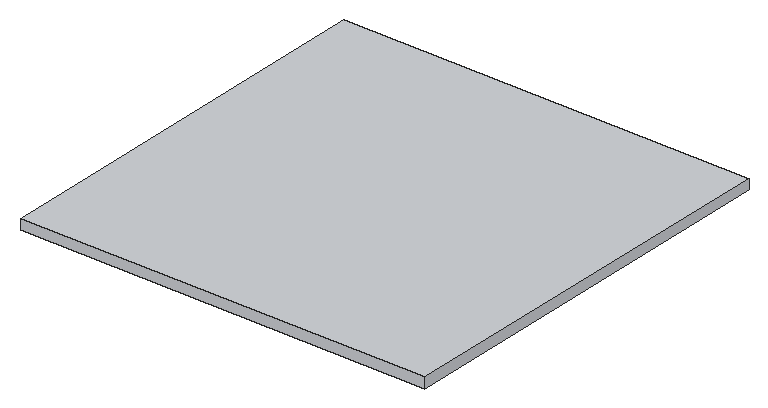
Revit family "79210", category Aparatos sanitarios, Revit 2017
Family settings
  Anfitrión = Cara
  Cota de conector redondo = Diámetro de uso
  Tipo de pieza = Normal
  Número OmniClass = 23.45.55.14
  Título OmniClass = Single Faucets
  Corte con vacíos al cargar = No
  Compartido = No
  Punto de cálculo de habitación = No
Parameters (values of type "79210")
  URL = "http://www.griferiasgalindo.com"
  Teléfono = "(+34) 915 782 575"
  TIPO DE AGUA = "Fria"
  REFERENCIA = "79210"
  Presión Máxima = "Max. 8 bar"
  PESO BRUTO = "1,500 Kg"
  Modelo = "PRESTO DOMO SENSIA - P con Pila CR-P2 Cromo"
  Material = LATON CROMADO
  Imagen de tipo = <Ninguno>
  Fabricante = "PRESTO IBÉRICA"
  Default Elevation = 1219.2 mm
  ENTRADA = "Macho 1/2\""
  Descripción = "Grifo eléctronico para lavabo de un agua para instalación mural."
  Código de montaje = "C1030220"
  Contacto = "info@prestoiberica.com"
  Conexión AF = yes
  Conexión AC = no
  Comentarios de tipo = "Ahorro de agua y energia. Componentes integrados. Conexiones internas estancas. Suministrador con caja para empotrar. Cierre automático de electroválvula en caso de fallo de alimentación eléctrica. Aireador \"Flowing Ecosystems\". Aclarado automático c/24h. Pack de pila CR-P2 estanco. Temperatura máxima 70ºC"
  CIERRE = "Automático en 120 seg."
  CAUDAL = "6 l/min."
  Accionamiento = "Manual"
Reference planes
  plane 1 "Centro (Frontal/Posterior)": y = 0
  plane 2: z = 0
  plane 3 "Centro (Izquierda/Derecha)": x = 0
Forms (mm)
  Extrusion 1, solid
    sketch origin (0, 0, 0) x (1, 0, 0) y (0, 1, 0)
      loop
        line (-100, 100) -> (-100, -100) -> (100, -100) -> (100, 100) -> (-100, 100)
    from 0 to -5
Dimensions and locks
  Extrusion 1 sketch curve to plane 1 "Centro (Frontal/Posterior)" = 100 mm
  aligned and locked: plane 2 to Extrusion 1
  aligned and locked: level to Extrusion 1
Connectors
  piping at (0, -43.5, -62.5), diameter 12.7
    settings: on import instance, index 1, connector inside diameter 609.6 mm, connector length 0 mm, flow factor 0, pipe flow 0.0 L/s, pressure drop 0.0 Pa, fitting loss kfactor 0, connector angle 0.00°, fixture units 0, engagement length 0 mm, angle of deflection 0.00°, flow configuration 0, flow direction 1, fitting loss method 0, system type 20, joint type 0, gender type 0, connector reference index -1, connector utility 0, adjustable connector no, is connector primary yes, connector description ""
